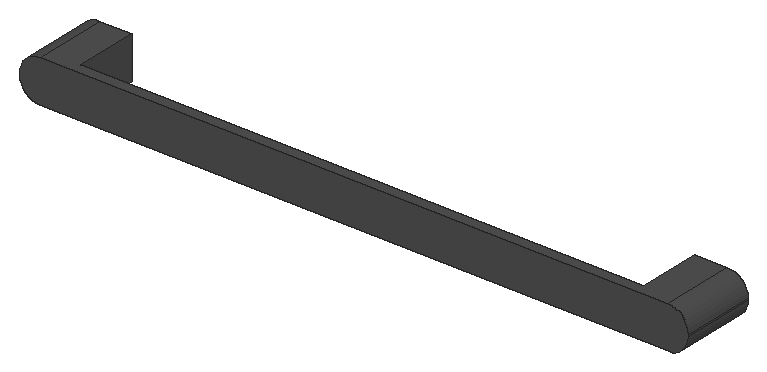
Revit family "Reece_Accessory_Mizu_Soothe_Heated Towel Rail", category Plumbing Fixtures, Revit 2018
Family settings
  Round Connector Dimension = Use Diameter
  Part Type = Normal
  Work Plane-Based = Yes
  Always vertical = Yes
  Cut with Voids When Loaded = Yes
  Shared = Yes
  Room Calculation Point = Yes
Parameters (values of type "630 mm_Matte Black")
  URL = "https://www.reece.com.au/product/-9509574"
  Type Comments = "Accessory"
  Reece_Product_Web Page = "https://www.reece.com.au/product/-9509574"
  Reece_Product_Type = "Accessory"  # constant formula
  Reece_Product_Sub Brand = "Soothe"  # constant formula
  Reece_Product_Number = "9509574"
  Reece_Product_Mount = "Wall Mounted"
  Reece_Product_Description = "Mizu Soothe Heated Towel Rail 630 (Each) (Less Transformer) Matte Black"
  Reece_Product_Brand = "Mizu"  # constant formula
  Reece_Overall_Width = 632 mm
  Reece_Overall_Projection = 70 mm  # constant formula
  Reece_Material-Main = Reece_Brass_Matte Black
  Reece_Height_From_Level [instance] = 600 mm
  Reece_Electrical_Wattage = 17 W
  Reece_Electrical_Voltage = 12 V
  Reece_Electrical_IP Rating = "IP55"  # constant formula
  Reece_Detail_Shape = ""
  Reece_Detail_Installation = ""
  Reece_Detail_Disclaimer = "THIS FILE IS THE PROPERTY OF THE REECE GROUP. IT MAY NOT BE REPRODUCED, REVERSE-ENGINEERED OR MODIFIED. ANY REPUBLICATION, TRANSMISSION OR DISTRIBUTION FOR THE PURPOSE OF COMMERCIALLY EXPLOITING THE FILES IS PROHIBITED."  # constant formula
  Reece_Detail_Connector = "Electrical input required. Refer to the product web page for further details."  # constant formula
  Reece_Detail_Additional = ""
  Model = "Soothe"
  Manufacturer = "Mizu"
  Keynote = "Product #9509574, Reece_Accessory_Mizu_Soothe_Heated Towel Rail - 630 mm_Matte Black"
  Fixing [instance] = 20 mm
  Disclaimer = "THIS FILE IS THE PROPERTY OF THE REECE GROUP. IT MAY NOT BE REPRODUCED, REVERSE-ENGINEERED OR MODIFIED. ANY REPUBLICATION, TRANSMISSION OR DISTRIBUTION FOR THE PURPOSE OF COMMERCIALLY EXPLOITING THE FILES IS PROHIBITED."  # constant formula
  Description = "Mizu Soothe Heated Towel Rail 630 (Each) (Less Transformer) Matte Black"
  Default Elevation = 0 mm
  Bottom_Offset [instance] = if(Reece_Height_From_Level < 600 mm, 600 mm, if(Reece_Height_From_Level > 600 mm, Reece_Height_From_Level, if(Reece_Height_From_Level = 0 mm, Reece_Height_From_Level, Reece_Height_From_Level)))  # 600 mm
Types (4, lengths in mm): name | URL | Reece_Product_Web Page | Reece_Product_Number | Reece_Product_Description | Reece_Overall_Width | Reece_Material-Main | Reece_Electrical_Wattage | Keynote | Description
  630 mm_Polished Stainless Steel | "https://www.reece.com.au/product/-9509572" | "https://www.reece.com.au/product/-9509572" | "9509572" | "Mizu Soothe Heated Towel Rail 630 (Each) (Less Transformer) Polished Stainless Steel" | 632 | Reece_Metal_Stainless Steel_Polished | 17 W | "Product #9509572, Reece_Accessory_Mizu_Soothe_Heated Towel Rail - 630 mm_Polished Stainless Steel" | "Mizu Soothe Heated Towel Rail 630 (Each) (Less Transformer) Polished Stainless Steel"
  830 mm_Polished Stainless Steel | "https://www.reece.com.au/product/-9509573" | "https://www.reece.com.au/product/-9509573" | "9509573" | "Mizu Soothe Heated Towel Rail 830 (Each) (Less Transformer) Polished Stainless Steel" | 832 | Reece_Metal_Stainless Steel_Polished | 19 W | "Product #9509573, Reece_Accessory_Mizu_Soothe_Heated Towel Rail - 830 mm_Polished Stainless Steel" | "Mizu Soothe Heated Towel Rail 830 (Each) (Less Transformer) Polished Stainless Steel"
  630 mm_Matte Black | "https://www.reece.com.au/product/-9509574" | "https://www.reece.com.au/product/-9509574" | "9509574" | "Mizu Soothe Heated Towel Rail 630 (Each) (Less Transformer) Matte Black" | 632 | Reece_Brass_Matte Black | 17 W | "Product #9509574, Reece_Accessory_Mizu_Soothe_Heated Towel Rail - 630 mm_Matte Black" | "Mizu Soothe Heated Towel Rail 630 (Each) (Less Transformer) Matte Black"
  830 mm_Matte Black | "https://www.reece.com.au/product/-9509575" | "https://www.reece.com.au/product/-9509575" | "9509575" | "Mizu Soothe Heated Towel Rail 830 (Each) (Less Transformer) Matte Black" | 832 | Reece_Brass_Matte Black | 19 W | "Product #9509575, Reece_Accessory_Mizu_Soothe_Heated Towel Rail - 830 mm_Matte Black" | "Mizu Soothe Heated Towel Rail 830 (Each) (Less Transformer) Matte Black"
Reference planes
  plane 1 "Center (Front/Back)": y = 0
  plane 2 "Bottom Host Plane": z = -5
  plane 3 "Center (Left/Right)": x = 0
  plane 4: x = -316
  plane 5: x = 316
  plane 6: y = 0
  plane 7: y = -70
  plane 8 "Height From Floor": z = 600
  plane 9 "Rail_C": z = 620
Forms (mm)
  Extrusion 1, solid, material "Reece_Brass_Matte Black" <- "Reece_Material-Main"
    sketch origin (0, 0, 0) x (1, 0, 0) y (0, 0, 1)
      loop
        line (-297, 600) -> (-266, 600) -> (-266, 640) -> (-296.5, 640)
        arc (-296.5, 640) -> (-310.289, 634.289) -> (-316, 620.5) r 19.5
        line (-316, 620.5) -> (-316, 619)
        arc (-316, 619) -> (-310.435, 605.565) -> (-297, 600) r 19
      loop
        arc (297, 600) -> (310.435, 605.565) -> (316, 619) r 19
        line (316, 619) -> (316, 620.5)
        arc (316, 620.5) -> (310.289, 634.289) -> (296.5, 640) r 19.5
        line (296.5, 640) -> (266, 640) -> (266, 600) -> (297, 600)
    from 0 to 70
  Extrusion 2, solid, material "Reece_Brass_Matte Black" <- "Reece_Material-Main"
    sketch origin (0, 0, 0) x (1, 0, 0) y (0, 0, 1)
      loop
        line (-266, 640) -> (-266, 600) -> (266, 600) -> (266, 640) -> (-266, 640)
    from 60 to 70
Cuts and joins
  joined: Extrusion 1, Extrusion 2
Lines and regions (mm)
  model lines, style "InvisibleLines"
    curve 1: line (0, 0, -5) -> (0, 0, 600)
Text (mm)
  text "Reece ©" at (2785.082, -2529.486, 2702.244), in view "Reece Preview"
Dimensions and locks
  "Reece_Overall_Projection": plane 1 "Center (Front/Back)" to plane 7
  equal spacing: plane 4, plane 3 "Center (Left/Right)", plane 5
  "Reece_Overall_Width": plane 4 to plane 5
  plane 8 "Height From Floor" to level = 600 mm
  "Bottom_Offset": level to plane 8 "Height From Floor"
  "Fixing": plane 8 "Height From Floor" to plane 9 "Rail_C"
  plane 9 "Rail_C" to plane 8 "Height From Floor" = 20 mm
  "Reece_Overall_Projection": plane 7 to plane 6
  plane 4 to plane 5 = 632 mm
  cut or joined group of Extrusion 1, Extrusion 2 to cut or joined group of Extrusion 1, Extrusion 2 = 40 mm
  plane 4 to cut or joined group of Extrusion 1, Extrusion 2 = 50 mm
  aligned and locked: plane 2 "Bottom Host Plane" to curve 1
  aligned and locked: plane 4 to Extrusion 1 sketch curve
  aligned and locked: plane 5 to Extrusion 1 sketch curve
  aligned and locked: Extrusion 1 to plane 7
  aligned and locked: Extrusion 1 to plane 6
  aligned and locked: Extrusion 2 sketch curve to Extrusion 1  (x2)
  aligned and locked: Extrusion 2 to plane 7
Automatic sketch dimensions
  curve 1 to plane 3 "Center (Left/Right)" = 0 mm
  curve 1 to plane 8 "Height From Floor" = 0 mm
  Extrusion 1 sketch curve to plane 8 "Height From Floor" = 0 mm  (x2)
  plane 9 "Rail_C" to Extrusion 1 sketch curve = 1 mm
  Extrusion 1 sketch curve to plane 9 "Rail_C" = 0.5 mm
  Extrusion 1 sketch curve to Extrusion 1 sketch curve = 0.5 mm
  Extrusion 1 sketch curve to Extrusion 1 sketch curve = 31 mm
  Extrusion 1 sketch curve to plane 9 "Rail_C" = 20 mm
  plane 5 to Extrusion 1 sketch curve = 50 mm
  plane 5 to Extrusion 1 sketch curve = 19.5 mm
  plane 5 to Extrusion 1 sketch curve = 19 mm
  Extrusion 2 sketch curve to plane 8 "Height From Floor" = 0 mm
  Extrusion 2 sketch curve to plane 9 "Rail_C" = 20 mm
